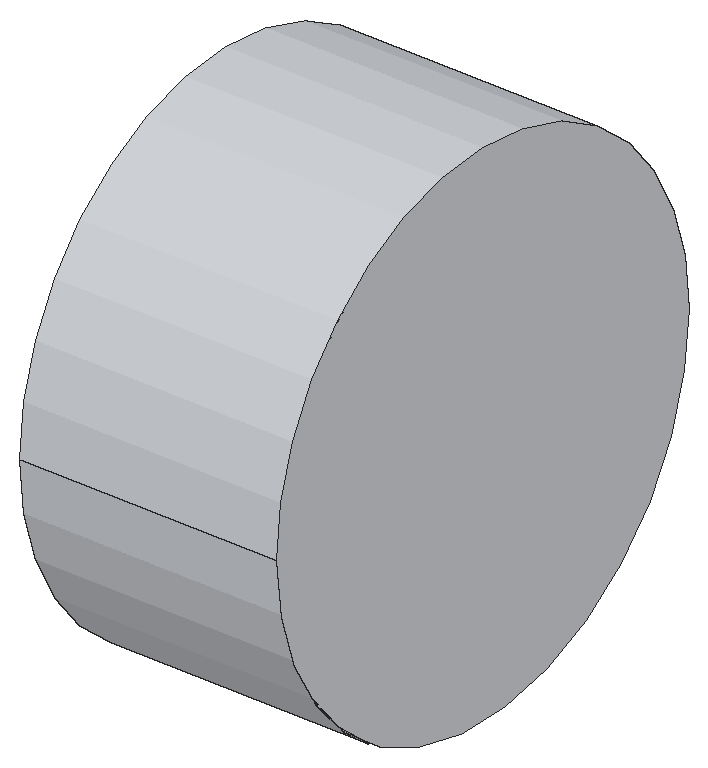
Revit family "M_Coupling - Generic", category Pipe Fittings, Revit 2014
Parameters (values of type "Standard")
  Tick Size [instance] = Fitting Outside Diameter * 0.4  # 11.43 mm
  Nominal Radius [instance] = 12.5 mm
  Nominal Diameter [instance] = Nominal Radius * 2  # 25 mm
  Lookup Table Name = "M_Pipe Fitting - Generic"
  Length [instance] = Fitting Outside Radius  # 14.288 mm
  Fitting Outside Radius [instance] = Fitting Outside Diameter / 2  # 14.288 mm
  Fitting Outside Diameter [instance] = size_lookup(Lookup Table Name, "FOD", Nominal Diameter + 3.175 mm, Nominal Diameter)  # 28.575 mm
Reference planes
  plane 1 "Center (Front/Back)": y = 0
  plane 2: z = 0
  plane 3 "Center (Left/Right)": x = 0
  plane 4: x = -7.144
  plane 5: x = 7.144
  plane 6: y = 11.43
  plane 7: y = -11.43
Forms (mm)
  Extrusion 1, solid, detail levels fine
    sketch origin (0, 0, 0) x (0, 1, 0) y (0, 0, 1)
      loop
        circle (0, 0) r 14.288
    from -7.144 to 7.144
Lines and regions (mm)
  model lines, detail levels coarse+medium
    curve 1: line (-7.144, 0, 0) -> (7.144, 0, 0)
    curve 2: line (-7.144, 11.43, 0) -> (-7.144, -11.43, 0)
    curve 3: line (7.144, 11.43, 0) -> (7.144, -11.43, 0)
Dimensions and locks
  equal spacing: plane 4, plane 3 "Center (Left/Right)", plane 5
  "Length": plane 4 to plane 5
  "Tick Size": plane 6 to plane 1 "Center (Front/Back)"
  "Tick Size": plane 7 to plane 1 "Center (Front/Back)"
  "Fitting Outside Radius": radius of Extrusion 1 sketch curve
  aligned and locked: plane 2 to Extrusion 1 sketch curve
  aligned and locked: plane 1 "Center (Front/Back)" to Extrusion 1 sketch curve
  aligned and locked: Extrusion 1 to plane 4
  aligned and locked: Extrusion 1 to plane 5
  aligned and locked: plane 6 to curve 2
  aligned and locked: plane 7 to curve 2
  aligned and locked: curve 2 to plane 4
  aligned and locked: plane 6 to curve 3
  aligned and locked: plane 7 to curve 3
  aligned and locked: plane 5 to curve 3
  aligned and locked: plane 4 to curve 1
  aligned and locked: plane 5 to curve 1
  aligned and locked: plane 1 "Center (Front/Back)" to curve 1
Connectors
  piping at (-7.144, 0, 0), diameter 25, driven by "Nominal Radius"
    settings: on Extrusion 1, index 1, connector inside diameter 25 mm, connector length 0 mm, flow factor 0, pipe flow 0.0 L/s, pressure drop 0.0 Pa, fitting loss kfactor 0, connector angle 0.00°, fixture units 0, engagement length 0 mm, angle of deflection 0.00°, flow configuration 0, flow direction 0, fitting loss method 0, system type 28, joint type 0, gender type 0, connector reference index 2, connector utility 0, adjustable connector no, is connector primary yes, connector description ""
  piping at (7.144, 0, 0), diameter 25, driven by "Nominal Radius"
    settings: on Extrusion 1, index 2, connector inside diameter 25 mm, connector length 0 mm, flow factor 0, pipe flow 0.0 L/s, pressure drop 0.0 Pa, fitting loss kfactor 0, connector angle 0.00°, fixture units 0, engagement length 0 mm, angle of deflection 0.00°, flow configuration 0, flow direction 0, fitting loss method 0, system type 28, joint type 0, gender type 0, connector reference index 1, connector utility 0, adjustable connector no, is connector primary no, connector description ""
